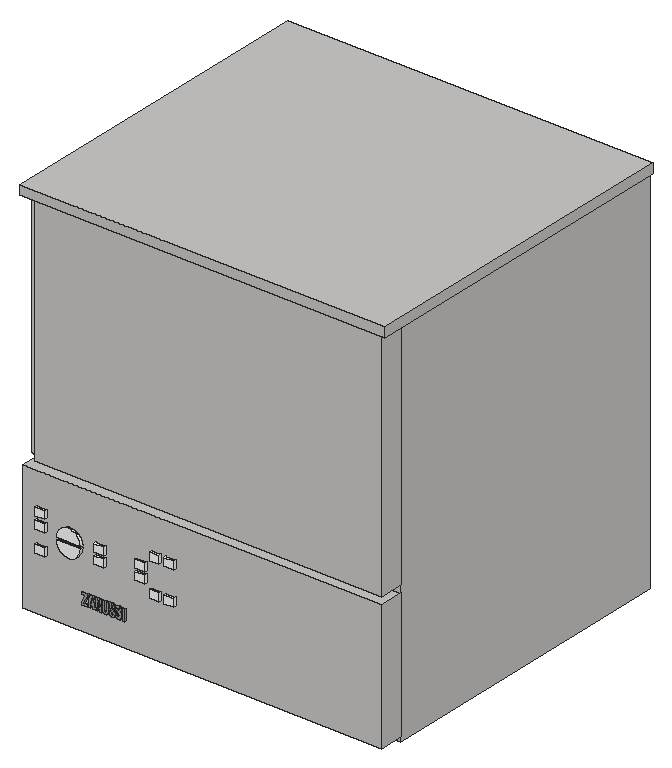
Revit family "QF_ELECTROLUXPROFESSIONAL_727622_RBC051P", category Specialty Equipment, Revit 2018
Family settings
  Round Connector Dimension = Use Diameter
  Part Type = Normal
  Work Plane-Based = No
  Always vertical = Yes
  Cut with Voids When Loaded = No
  Shared = No
  Room Calculation Point = No
Parameters (values of type "Standard")
  Weight = 194.007 lbm
  Watts = 0 W
  Volts = 230 V
  URL Manufacturer = "http://professional.electrolux.com"
  URL = "http://professional.electrolux.com"
  Steam Supply Size = 0"
  Steam Supply Minimum Pressure = 0.00 psi
  Steam Supply Maximum Pressure = 0.00 psi
  Steam Pounds per Hour = 0
  Show Clearance [instance] = yes
  Refrigeration Suction Line Size = 0 mm
  Refrigeration Liquid Line Size = 0 mm
  Refrigerant Compressor Remote = yes
  Phase = 1
  Model = "RBC051P"
  Manufacturer = "Electrolux Professional"
  Length Actual = 762 mm  # constant formula
  Item Number = "727622"
  Hot Water Size = 0"
  Height Actual = 844 mm  # constant formula
  HP = "0.9 HP"
  Gas Size = 0"
  Gas KW = 0
  Gas Input Pressure = 0.0 Btu/h
  Direct Waste Size = 0"
  Description = "CW BLAST CHILLER 10 KG GN 1/1 + PROBE-R134A"
  Depth Actual = 700 mm  # constant formula
  Cycle = 50 Hz
  Condensate Return Size = 0"
  Compressed Air Volume = 0 GPM
  Compressed Air Size = 0"
  Compressed Air Pressure = 0.00 psi
  Cold Water Size = 0"
  Accessory = yes
Reference planes
  plane 1 "BACK": y = 0
  plane 2: z = 0
  plane 3 "LEFT": x = 0
  plane 4 "RIGHT": x = 762
  plane 5 "FRONT": y = -700
  plane 6 "TOP": z = 844
  plane 7 "Center Y": x = 381
  plane 8 "Center X": y = -350
  plane 9: x = 50
  plane 10: x = 710
  plane 11: z = 150
  plane 12: z = 106
  plane 13: y = -50
  plane 14: y = -760
  plane 15: y = -689
  plane 16: y = -389
  plane 17: y = -1407
Forms (mm)
  Extrusion 1, solid, material "QF_Metal - Stainless - Polished"
    sketch origin (0, 0, -106) x (1, 0, 0) y (0, 0, 1)
      loop
        line (6.35, 930) -> (6.35, 150) -> (755.65, 150) -> (755.65, 930) -> (6.35, 930)
    from 0 to 650
  Extrusion 2, solid, material "QF_Metal - Stainless - Polished"
    sketch origin (-118.461, 0, -106) x (1, 0, 0) y (0, 0, 1)
      loop
        line (201.815, 150) -> (201.815, 128.027) -> (559.815, 128.027) -> (559.815, 150) -> (553.415, 150) -> (553.415, 134.427) -> (208.215, 134.427) -> (208.215, 150) -> (201.815, 150)
    from 218.729 to 610
  Extrusion 3, solid, material "QF_Metal - Stainless - Polished"
    sketch origin (-118.461, 0, -106) x (1, 0, 0) y (0, 0, 1)
      loop
        line (239.429, 128.027) -> (233.029, 128.027) -> (233.029, 106) -> (525.894, 106) -> (525.894, 128.027) -> (519.494, 128.027) -> (519.494, 115.527) -> (239.429, 115.527) -> (239.429, 128.027)
    from 333.038 to 610
  Extrusion 4, solid, material "QF_Metal - Stainless - Polished"
    sketch origin (0.953, -130, -106) x (1, 0, 0) y (0, 1, 0)
      loop
        circle (381, -259) r 20
    from 138.473 to 150
  Extrusion 5, solid, material "QF_Metal - Stainless - Polished"
    sketch origin (-331, 0, -475.454) x (1, 0, 0) y (0, 0, 1)
      loop
        circle (381, 651.083) r 20
    from -7.507 to 0
  Extrusion 6, solid, material "QF_Door-Drawer Clearances", visible <- "Show Clearance", detail levels coarse
    sketch origin (0, 29, -106) x (1, 0, 0) y (0, 1, 0)
      loop
        line (755.65, -729) -> (6.35, -729)
        arc (6.35, -729) -> (226.116, -1246.651) -> (755.65, -1436) r 700.659
        line (755.65, -1436) -> (755.65, -729)
    from 443.477 to 930
  Extrusion 7, solid, material "QF_Metal - Stainless - Polished"
    sketch origin (0, 0, 824) x (1, 0, 0) y (0, 1, 0)
      loop
        line (0, 0) -> (0, -700) -> (762, -700) -> (762, 0) -> (0, 0)
    from 0 to 20
  Extrusion 8, solid, material "QF_Metal - Stainless - Polished"
    sketch origin (0, 39, -106) x (1, 0, 0) y (0, 1, 0)
      loop
        line (755.65, -689) -> (6.35, -689) -> (6.35, -714)
        arc (6.35, -714) -> (13.85, -721.5) -> (21.35, -714) r 7.5
        line (21.35, -714) -> (21.35, -712.023)
        arc (21.35, -712.023) -> (23.7, -706.35) -> (29.373, -704) r 8.023
        line (29.373, -704) -> (50, -704)
        arc (50, -704) -> (58.125, -712.125) -> (50, -720.25) r 8.125
        line (50, -720.25) -> (43.056, -720.25)
        arc (43.056, -720.25) -> (33.824, -724.074) -> (30, -733.306) r 13.056
        line (30, -733.306) -> (30, -739) -> (755.65, -739) -> (755.65, -689)
    from 443.477 to 930
  Extrusion 9, solid, material "QF_Metal - Stainless - Polished"
    sketch origin (0, 113.472, -648.6) x (1, 0, 0) y (0, 0, 1)
      loop
        line (6.35, 970) -> (6.35, 701.557) -> (755.65, 701.557) -> (755.65, 970) -> (6.35, 970)
    from 763.472 to 813.472
  Extrusion 10, solid, material "QF_Plastic - White - Smooth"
    sketch origin (-40, -700, -363.391) x (1, 0, 0) y (0, 0, 1)
      loop
        line (75.078, 617.851) -> (75.078, 601.601) -> (95.078, 601.601) -> (95.078, 617.851) -> (75.078, 617.851)
      loop
        line (75.078, 547.851) -> (75.078, 531.601) -> (95.078, 531.601) -> (95.078, 547.851) -> (75.078, 547.851)
      loop
        line (75.078, 592.851) -> (75.078, 576.601) -> (95.078, 576.601) -> (95.078, 592.851) -> (75.078, 592.851)
      loop
        line (120.078, 576.601) -> (170.078, 576.601)
        arc (170.078, 576.601) -> (145.078, 601.601) -> (120.078, 576.601) r 25
      loop
        arc (120.078, 571.601) -> (145.078, 546.601) -> (170.078, 571.601) r 25
        line (170.078, 571.601) -> (120.078, 571.601)
      loop
        line (198.715, 592.851) -> (198.715, 576.601) -> (218.715, 576.601) -> (218.715, 592.851) -> (198.715, 592.851)
      loop
        line (198.715, 570.081) -> (198.715, 553.831) -> (218.715, 553.831) -> (218.715, 570.081) -> (198.715, 570.081)
      loop
        line (283.715, 592.851) -> (283.715, 576.601) -> (303.715, 576.601) -> (303.715, 592.851) -> (283.715, 592.851)
      loop
        line (283.715, 570.081) -> (283.715, 553.831) -> (303.715, 553.831) -> (303.715, 570.081) -> (283.715, 570.081)
      loop
        line (314.587, 617.851) -> (314.587, 601.601) -> (334.587, 601.601) -> (334.587, 617.851) -> (314.587, 617.851)
      loop
        line (344.587, 617.851) -> (344.587, 601.601) -> (364.587, 601.601) -> (364.587, 617.851) -> (344.587, 617.851)
      loop
        line (314.587, 547.851) -> (314.587, 531.601) -> (334.587, 531.601) -> (334.587, 547.851) -> (314.587, 547.851)
      loop
        line (344.587, 547.851) -> (344.587, 531.601) -> (364.587, 531.601) -> (364.587, 547.851) -> (344.587, 547.851)
    from 0 to 4.861
Lines and regions (mm)
  Split face 1
    outline origin (0, -700, -648.6) x (1, 0, 0) y (0, 0, 1)
      loop
        line (33.078, 905.06) -> (33.078, 814.81) -> (326.587, 814.81) -> (326.587, 905.06) -> (33.078, 905.06)
  Split face 2
    outline origin (-15, -700, -648.6) x (1, 0, 0) y (0, 0, 1)
      loop
        line (399.261, 942.498) -> (399.261, 932.498) -> (454.261, 932.498) -> (454.261, 942.498) -> (399.261, 942.498)
  Split face 3
    outline origin (-15, -700, -663.6) x (1, 0, 0) y (0, 0, 1)
      loop
        line (399.261, 942.498) -> (399.261, 932.498) -> (454.261, 932.498) -> (454.261, 942.498) -> (399.261, 942.498)
  Split face 4
    outline origin (-15, -700, -678.6) x (1, 0, 0) y (0, 0, 1)
      loop
        line (399.261, 942.498) -> (399.261, 932.498) -> (454.261, 932.498) -> (454.261, 942.498) -> (399.261, 942.498)
  Split face 5
    outline origin (-15, -700, -708.6) x (1, 0, 0) y (0, 0, 1)
      loop
        line (399.261, 942.498) -> (399.261, 932.498) -> (454.261, 932.498) -> (454.261, 942.498) -> (399.261, 942.498)
  Split face 6
    outline origin (-15, -700, -723.6) x (1, 0, 0) y (0, 0, 1)
      loop
        line (399.261, 942.498) -> (399.261, 932.498) -> (454.261, 932.498) -> (454.261, 942.498) -> (399.261, 942.498)
  Split face 7
    outline origin (-15, -700, -738.6) x (1, 0, 0) y (0, 0, 1)
      loop
        line (399.261, 942.498) -> (399.261, 932.498) -> (454.261, 932.498) -> (454.261, 942.498) -> (399.261, 942.498)
  Split face 8
    outline origin (-15, -700, -768.6) x (1, 0, 0) y (0, 0, 1)
      loop
        line (399.261, 942.498) -> (399.261, 932.498) -> (454.261, 932.498) -> (454.261, 942.498) -> (399.261, 942.498)
  Split face 9
    outline origin (-15, -700, -783.6) x (1, 0, 0) y (0, 0, 1)
      loop
        line (399.261, 942.498) -> (399.261, 932.498) -> (454.261, 932.498) -> (454.261, 942.498) -> (399.261, 942.498)
  Split face 10
    outline origin (-15, -700, -798.6) x (1, 0, 0) y (0, 0, 1)
      loop
        line (399.261, 942.498) -> (399.261, 932.498) -> (454.261, 932.498) -> (454.261, 942.498) -> (399.261, 942.498)
  Split face 11
    outline origin (-15, -700, -828.6) x (1, 0, 0) y (0, 0, 1)
      loop
        line (399.261, 942.498) -> (399.261, 932.498) -> (454.261, 932.498) -> (454.261, 942.498) -> (399.261, 942.498)
  Split face 12
    outline origin (-15, -700, -843.6) x (1, 0, 0) y (0, 0, 1)
      loop
        line (399.261, 942.498) -> (399.261, 932.498) -> (454.261, 932.498) -> (454.261, 942.498) -> (399.261, 942.498)
  Split face 13
    outline origin (-15, -700, -858.6) x (1, 0, 0) y (0, 0, 1)
      loop
        line (399.261, 942.498) -> (399.261, 932.498) -> (454.261, 932.498) -> (454.261, 942.498) -> (399.261, 942.498)
  Split face 14
    outline origin (60, -700, -648.6) x (1, 0, 0) y (0, 0, 1)
      loop
        line (399.261, 942.498) -> (399.261, 932.498) -> (454.261, 932.498) -> (454.261, 942.498) -> (399.261, 942.498)
  Split face 15
    outline origin (60, -700, -663.6) x (1, 0, 0) y (0, 0, 1)
      loop
        line (399.261, 942.498) -> (399.261, 932.498) -> (454.261, 932.498) -> (454.261, 942.498) -> (399.261, 942.498)
  Split face 16
    outline origin (60, -700, -678.6) x (1, 0, 0) y (0, 0, 1)
      loop
        line (399.261, 942.498) -> (399.261, 932.498) -> (454.261, 932.498) -> (454.261, 942.498) -> (399.261, 942.498)
  Split face 17
    outline origin (60, -700, -708.6) x (1, 0, 0) y (0, 0, 1)
      loop
        line (399.261, 942.498) -> (399.261, 932.498) -> (454.261, 932.498) -> (454.261, 942.498) -> (399.261, 942.498)
  Split face 18
    outline origin (60, -700, -723.6) x (1, 0, 0) y (0, 0, 1)
      loop
        line (399.261, 942.498) -> (399.261, 932.498) -> (454.261, 932.498) -> (454.261, 942.498) -> (399.261, 942.498)
  Split face 19
    outline origin (60, -700, -738.6) x (1, 0, 0) y (0, 0, 1)
      loop
        line (399.261, 942.498) -> (399.261, 932.498) -> (454.261, 932.498) -> (454.261, 942.498) -> (399.261, 942.498)
  Split face 20
    outline origin (60, -700, -768.6) x (1, 0, 0) y (0, 0, 1)
      loop
        line (399.261, 942.498) -> (399.261, 932.498) -> (454.261, 932.498) -> (454.261, 942.498) -> (399.261, 942.498)
  Split face 21
    outline origin (60, -700, -783.6) x (1, 0, 0) y (0, 0, 1)
      loop
        line (399.261, 942.498) -> (399.261, 932.498) -> (454.261, 932.498) -> (454.261, 942.498) -> (399.261, 942.498)
  Split face 22
    outline origin (60, -700, -798.6) x (1, 0, 0) y (0, 0, 1)
      loop
        line (399.261, 942.498) -> (399.261, 932.498) -> (454.261, 932.498) -> (454.261, 942.498) -> (399.261, 942.498)
  Split face 23
    outline origin (60, -700, -828.6) x (1, 0, 0) y (0, 0, 1)
      loop
        line (399.261, 942.498) -> (399.261, 932.498) -> (454.261, 932.498) -> (454.261, 942.498) -> (399.261, 942.498)
  Split face 24
    outline origin (60, -700, -843.6) x (1, 0, 0) y (0, 0, 1)
      loop
        line (399.261, 942.498) -> (399.261, 932.498) -> (454.261, 932.498) -> (454.261, 942.498) -> (399.261, 942.498)
  Split face 25
    outline origin (60, -700, -858.6) x (1, 0, 0) y (0, 0, 1)
      loop
        line (399.261, 942.498) -> (399.261, 932.498) -> (454.261, 932.498) -> (454.261, 942.498) -> (399.261, 942.498)
  Split face 26
    outline origin (135, -700, -648.6) x (1, 0, 0) y (0, 0, 1)
      loop
        line (399.261, 942.498) -> (399.261, 932.498) -> (454.261, 932.498) -> (454.261, 942.498) -> (399.261, 942.498)
  Split face 27
    outline origin (135, -700, -663.6) x (1, 0, 0) y (0, 0, 1)
      loop
        line (399.261, 942.498) -> (399.261, 932.498) -> (454.261, 932.498) -> (454.261, 942.498) -> (399.261, 942.498)
  Split face 28
    outline origin (135, -700, -678.6) x (1, 0, 0) y (0, 0, 1)
      loop
        line (399.261, 942.498) -> (399.261, 932.498) -> (454.261, 932.498) -> (454.261, 942.498) -> (399.261, 942.498)
  Split face 29
    outline origin (135, -700, -708.6) x (1, 0, 0) y (0, 0, 1)
      loop
        line (399.261, 942.498) -> (399.261, 932.498) -> (454.261, 932.498) -> (454.261, 942.498) -> (399.261, 942.498)
  Split face 30
    outline origin (135, -700, -723.6) x (1, 0, 0) y (0, 0, 1)
      loop
        line (399.261, 942.498) -> (399.261, 932.498) -> (454.261, 932.498) -> (454.261, 942.498) -> (399.261, 942.498)
  Split face 31
    outline origin (135, -700, -738.6) x (1, 0, 0) y (0, 0, 1)
      loop
        line (399.261, 942.498) -> (399.261, 932.498) -> (454.261, 932.498) -> (454.261, 942.498) -> (399.261, 942.498)
  Split face 32
    outline origin (135, -700, -768.6) x (1, 0, 0) y (0, 0, 1)
      loop
        line (399.261, 942.498) -> (399.261, 932.498) -> (454.261, 932.498) -> (454.261, 942.498) -> (399.261, 942.498)
  Split face 33
    outline origin (135, -700, -783.6) x (1, 0, 0) y (0, 0, 1)
      loop
        line (399.261, 942.498) -> (399.261, 932.498) -> (454.261, 932.498) -> (454.261, 942.498) -> (399.261, 942.498)
  Split face 34
    outline origin (135, -700, -798.6) x (1, 0, 0) y (0, 0, 1)
      loop
        line (399.261, 942.498) -> (399.261, 932.498) -> (454.261, 932.498) -> (454.261, 942.498) -> (399.261, 942.498)
  Split face 35
    outline origin (135, -700, -828.6) x (1, 0, 0) y (0, 0, 1)
      loop
        line (399.261, 942.498) -> (399.261, 932.498) -> (454.261, 932.498) -> (454.261, 942.498) -> (399.261, 942.498)
  Split face 36
    outline origin (135, -700, -843.6) x (1, 0, 0) y (0, 0, 1)
      loop
        line (399.261, 942.498) -> (399.261, 932.498) -> (454.261, 932.498) -> (454.261, 942.498) -> (399.261, 942.498)
  Split face 37
    outline origin (135, -700, -858.6) x (1, 0, 0) y (0, 0, 1)
      loop
        line (399.261, 942.498) -> (399.261, 932.498) -> (454.261, 932.498) -> (454.261, 942.498) -> (399.261, 942.498)
  Split face 38
    outline origin (210, -700, -648.6) x (1, 0, 0) y (0, 0, 1)
      loop
        line (399.261, 942.498) -> (399.261, 932.498) -> (454.261, 932.498) -> (454.261, 942.498) -> (399.261, 942.498)
  Split face 39
    outline origin (210, -700, -663.6) x (1, 0, 0) y (0, 0, 1)
      loop
        line (399.261, 942.498) -> (399.261, 932.498) -> (454.261, 932.498) -> (454.261, 942.498) -> (399.261, 942.498)
  Split face 40
    outline origin (210, -700, -678.6) x (1, 0, 0) y (0, 0, 1)
      loop
        line (399.261, 942.498) -> (399.261, 932.498) -> (454.261, 932.498) -> (454.261, 942.498) -> (399.261, 942.498)
  Split face 41
    outline origin (210, -700, -708.6) x (1, 0, 0) y (0, 0, 1)
      loop
        line (399.261, 942.498) -> (399.261, 932.498) -> (454.261, 932.498) -> (454.261, 942.498) -> (399.261, 942.498)
  Split face 42
    outline origin (210, -700, -723.6) x (1, 0, 0) y (0, 0, 1)
      loop
        line (399.261, 942.498) -> (399.261, 932.498) -> (454.261, 932.498) -> (454.261, 942.498) -> (399.261, 942.498)
  Split face 43
    outline origin (210, -700, -738.6) x (1, 0, 0) y (0, 0, 1)
      loop
        line (399.261, 942.498) -> (399.261, 932.498) -> (454.261, 932.498) -> (454.261, 942.498) -> (399.261, 942.498)
  Split face 44
    outline origin (210, -700, -768.6) x (1, 0, 0) y (0, 0, 1)
      loop
        line (399.261, 942.498) -> (399.261, 932.498) -> (454.261, 932.498) -> (454.261, 942.498) -> (399.261, 942.498)
  Split face 45
    outline origin (210, -700, -783.6) x (1, 0, 0) y (0, 0, 1)
      loop
        line (399.261, 942.498) -> (399.261, 932.498) -> (454.261, 932.498) -> (454.261, 942.498) -> (399.261, 942.498)
  Split face 46
    outline origin (210, -700, -798.6) x (1, 0, 0) y (0, 0, 1)
      loop
        line (399.261, 942.498) -> (399.261, 932.498) -> (454.261, 932.498) -> (454.261, 942.498) -> (399.261, 942.498)
  Split face 47
    outline origin (210, -700, -828.6) x (1, 0, 0) y (0, 0, 1)
      loop
        line (399.261, 942.498) -> (399.261, 932.498) -> (454.261, 932.498) -> (454.261, 942.498) -> (399.261, 942.498)
  Split face 48
    outline origin (210, -700, -843.6) x (1, 0, 0) y (0, 0, 1)
      loop
        line (399.261, 942.498) -> (399.261, 932.498) -> (454.261, 932.498) -> (454.261, 942.498) -> (399.261, 942.498)
  Split face 49
    outline origin (210, -700, -858.6) x (1, 0, 0) y (0, 0, 1)
      loop
        line (399.261, 942.498) -> (399.261, 932.498) -> (454.261, 932.498) -> (454.261, 942.498) -> (399.261, 942.498)
  Split face 50
    outline origin (285, -700, -648.6) x (1, 0, 0) y (0, 0, 1)
      loop
        line (399.261, 942.498) -> (399.261, 932.498) -> (454.261, 932.498) -> (454.261, 942.498) -> (399.261, 942.498)
  Split face 51
    outline origin (285, -700, -663.6) x (1, 0, 0) y (0, 0, 1)
      loop
        line (399.261, 942.498) -> (399.261, 932.498) -> (454.261, 932.498) -> (454.261, 942.498) -> (399.261, 942.498)
  Split face 52
    outline origin (285, -700, -678.6) x (1, 0, 0) y (0, 0, 1)
      loop
        line (399.261, 942.498) -> (399.261, 932.498) -> (454.261, 932.498) -> (454.261, 942.498) -> (399.261, 942.498)
  Split face 53
    outline origin (285, -700, -708.6) x (1, 0, 0) y (0, 0, 1)
      loop
        line (399.261, 942.498) -> (399.261, 932.498) -> (454.261, 932.498) -> (454.261, 942.498) -> (399.261, 942.498)
  Split face 54
    outline origin (285, -700, -723.6) x (1, 0, 0) y (0, 0, 1)
      loop
        line (399.261, 942.498) -> (399.261, 932.498) -> (454.261, 932.498) -> (454.261, 942.498) -> (399.261, 942.498)
  Split face 55
    outline origin (285, -700, -738.6) x (1, 0, 0) y (0, 0, 1)
      loop
        line (399.261, 942.498) -> (399.261, 932.498) -> (454.261, 932.498) -> (454.261, 942.498) -> (399.261, 942.498)
  Split face 56
    outline origin (285, -700, -768.6) x (1, 0, 0) y (0, 0, 1)
      loop
        line (399.261, 942.498) -> (399.261, 932.498) -> (454.261, 932.498) -> (454.261, 942.498) -> (399.261, 942.498)
  Split face 57
    outline origin (285, -700, -783.6) x (1, 0, 0) y (0, 0, 1)
      loop
        line (399.261, 942.498) -> (399.261, 932.498) -> (454.261, 932.498) -> (454.261, 942.498) -> (399.261, 942.498)
  Split face 58
    outline origin (285, -700, -798.6) x (1, 0, 0) y (0, 0, 1)
      loop
        line (399.261, 942.498) -> (399.261, 932.498) -> (454.261, 932.498) -> (454.261, 942.498) -> (399.261, 942.498)
  Split face 59
    outline origin (285, -700, -828.6) x (1, 0, 0) y (0, 0, 1)
      loop
        line (399.261, 942.498) -> (399.261, 932.498) -> (454.261, 932.498) -> (454.261, 942.498) -> (399.261, 942.498)
  Split face 60
    outline origin (285, -700, -843.6) x (1, 0, 0) y (0, 0, 1)
      loop
        line (399.261, 942.498) -> (399.261, 932.498) -> (454.261, 932.498) -> (454.261, 942.498) -> (399.261, 942.498)
  Split face 61
    outline origin (285, -700, -858.6) x (1, 0, 0) y (0, 0, 1)
      loop
        line (399.261, 942.498) -> (399.261, 932.498) -> (454.261, 932.498) -> (454.261, 942.498) -> (399.261, 942.498)
  symbolic lines
    curve 1: line (0, 0, 0) -> (0, -703.472, 0)
    curve 2: line (762, 0, 0) -> (0, 0, 0)
    curve 3: line (762, -700, 0) -> (762, 0, 0)
    curve 4: line (0, -700, 0) -> (762, -700, 0)
  symbolic lines, style "QF_Door-Drawer Clearances"
    curve 5: line (755.65, -700, 0) -> (755.65, -1407, 0)
    curve 6: arc (6.35, -700, 0) -> (226.116, -1217.651, 0) -> (755.65, -1407, 0) r 700.659
Dimensions and locks
  equal spacing: plane 3 "LEFT", plane 7 "Center Y", plane 4 "RIGHT"
  plane 3 "LEFT" to plane 4 "RIGHT" = 762 mm
  equal spacing: plane 5 "FRONT", plane 8 "Center X", plane 1 "BACK"
  plane 5 "FRONT" to plane 1 "BACK" = 700 mm
  plane 6 "TOP" to level = 844 mm
  plane 9 to plane 3 "LEFT" = 50 mm
  plane 10 to plane 4 "RIGHT" = 52 mm
  plane 10 to plane 9 = 660 mm
  plane 11 to level = 150 mm
  plane 12 to plane 11 = 44 mm
  plane 1 "BACK" to plane 13 = 50 mm
  plane 13 to plane 15 = 639 mm
  plane 16 to plane 1 "BACK" = 389 mm
  plane 17 to plane 1 "BACK" = 1407 mm
  plane 3 "LEFT" to Extrusion 6 = 755.65 mm
  aligned and locked: level to plane 2
Automatic sketch dimensions
  plane 1 "BACK" to curve 2 = 0 mm
  curve 5 to plane 17 = 0 mm
  plane 4 "RIGHT" to curve 5 = 6.35 mm
  Extrusion 1 sketch curve to plane 11 = 106 mm
  plane 3 "LEFT" to Extrusion 1 sketch curve = 6.35 mm
  plane 4 "RIGHT" to Extrusion 1 sketch curve = 6.35 mm
  Extrusion 1 sketch curve to plane 6 "TOP" = 20 mm
  Extrusion 2 sketch curve to plane 11 = 106 mm  (x2)
  plane 9 to Extrusion 2 sketch curve = 33.353 mm
  Extrusion 2 sketch curve to Extrusion 2 sketch curve = 6.4 mm  (x3)
  plane 10 to Extrusion 2 sketch curve = 275.047 mm
  Extrusion 2 sketch curve to Extrusion 2 sketch curve = 15.573 mm
  plane 12 to Extrusion 3 sketch curve = 106 mm
  Extrusion 3 sketch curve to plane 11 = 127.973 mm
  Extrusion 3 sketch curve to plane 7 "Center Y" = 266.432 mm
  Extrusion 3 sketch curve to Extrusion 3 sketch curve = 6.4 mm  (x2)
  plane 12 to Extrusion 3 sketch curve = 96.473 mm
  plane 7 "Center Y" to Extrusion 3 sketch curve = 20.032 mm
  Extrusion 3 sketch curve to Extrusion 3 sketch curve = 12.5 mm
  Extrusion 4 sketch curve to plane 16 = 0 mm
  plane 7 "Center Y" to Extrusion 4 sketch curve = 0.953 mm
  Extrusion 5 sketch curve to plane 7 "Center Y" = 331 mm
  Extrusion 5 sketch curve to plane 6 "TOP" = 668.371 mm
  Extrusion 7 sketch curve to plane 3 "LEFT" = 0 mm
  Extrusion 7 sketch curve to plane 4 "RIGHT" = 0 mm
  plane 5 "FRONT" to Extrusion 7 sketch curve = 0 mm
  plane 1 "BACK" to Extrusion 7 sketch curve = 0 mm
  plane 5 "FRONT" to Extrusion 8 sketch curve = 0 mm
  Extrusion 8 sketch curve to plane 9 = 0 mm
  Extrusion 8 sketch curve to plane 9 = 6.944 mm
  Extrusion 8 sketch curve to Extrusion 8 sketch curve = 13.056 mm
  Extrusion 8 sketch curve to Extrusion 8 sketch curve = 13.683 mm
  Extrusion 8 sketch curve to Extrusion 8 sketch curve = 8.023 mm
  Extrusion 8 sketch curve to Extrusion 8 sketch curve = 7.5 mm
  plane 4 "RIGHT" to Extrusion 8 sketch curve = 6.35 mm
  plane 15 to Extrusion 8 sketch curve = 5.306 mm
  Extrusion 8 sketch curve to plane 15 = 14 mm
  Extrusion 8 sketch curve to Extrusion 8 sketch curve = 8.125 mm
  Extrusion 8 sketch curve to plane 15 = 39 mm
  plane 3 "LEFT" to Extrusion 9 sketch curve = 6.35 mm
  plane 4 "RIGHT" to Extrusion 9 sketch curve = 6.35 mm
  Extrusion 9 sketch curve to plane 11 = 97.044 mm
  Extrusion 9 sketch curve to Extrusion 9 sketch curve = 268.443 mm
  Split face 1 sketch curve to Extrusion 9 = 26.728 mm
  Split face 1 sketch curve to Extrusion 9 = 113.254 mm
  Split face 1 sketch curve to Split face 1 sketch curve = 293.509 mm
  Split face 1 sketch curve to Extrusion 9 = 64.94 mm
  Extrusion 10 sketch curve to plane 9 = 14.922 mm  (x2)
  Extrusion 10 sketch curve to Extrusion 10 sketch curve = 0 mm  (x11)
  plane 9 to Extrusion 10 sketch curve = 5.078 mm  (x3)
  Extrusion 10 sketch curve to Extrusion 10 sketch curve = 25 mm  (x2)
  Extrusion 10 sketch curve to Extrusion 10 sketch curve = 28.636 mm
  Extrusion 10 sketch curve to Extrusion 10 sketch curve = 20 mm  (x7)
  Extrusion 10 sketch curve to Extrusion 10 sketch curve = 65 mm
  Extrusion 10 sketch curve to Extrusion 10 sketch curve = 10.872 mm  (x2)
  Extrusion 10 sketch curve to Extrusion 10 sketch curve = 10 mm  (x2)
  plane 11 to Extrusion 10 sketch curve = 18.21 mm  (x2)
  Extrusion 10 sketch curve to Extrusion 10 sketch curve = 16.25 mm  (x9)
  Extrusion 10 sketch curve to Extrusion 10 sketch curve = 5.98 mm
  Extrusion 10 sketch curve to Extrusion 10 sketch curve = 1.52 mm
  Extrusion 10 sketch curve to Extrusion 10 sketch curve = 6.52 mm  (x2)
  Extrusion 10 sketch curve to Extrusion 10 sketch curve = 5 mm  (x2)
  Extrusion 10 sketch curve to Extrusion 10 sketch curve = 8.75 mm  (x2)
  Split face 2 sketch curve to Extrusion 9 = 37.502 mm
  Split face 2 sketch curve to Extrusion 9 = 371.389 mm
  Split face 2 sketch curve to Split face 2 sketch curve = 55 mm
  Split face 2 sketch curve to Split face 2 sketch curve = 10 mm
  Split face 3 sketch curve to Extrusion 9 = 52.502 mm
  Split face 3 sketch curve to Extrusion 9 = 371.389 mm
  Split face 3 sketch curve to Split face 3 sketch curve = 55 mm
  Split face 3 sketch curve to Split face 3 sketch curve = 10 mm
  Split face 4 sketch curve to Extrusion 9 = 67.502 mm
  Split face 4 sketch curve to Extrusion 9 = 371.389 mm
  Split face 4 sketch curve to Split face 4 sketch curve = 55 mm
  Split face 4 sketch curve to Split face 4 sketch curve = 10 mm
  Split face 5 sketch curve to Extrusion 9 = 97.502 mm
  Split face 5 sketch curve to Extrusion 9 = 371.389 mm
  Split face 5 sketch curve to Split face 5 sketch curve = 55 mm
  Split face 5 sketch curve to Split face 5 sketch curve = 10 mm
  Split face 6 sketch curve to Extrusion 9 = 112.502 mm
  Split face 6 sketch curve to Extrusion 9 = 371.389 mm
  Split face 6 sketch curve to Split face 6 sketch curve = 55 mm
  Split face 6 sketch curve to Split face 6 sketch curve = 10 mm
  Split face 7 sketch curve to Extrusion 9 = 127.502 mm
  Split face 7 sketch curve to Extrusion 9 = 371.389 mm
  Split face 7 sketch curve to Split face 7 sketch curve = 55 mm
  Split face 7 sketch curve to Split face 7 sketch curve = 10 mm
  Split face 8 sketch curve to Extrusion 9 = 110.941 mm
  Split face 8 sketch curve to Extrusion 9 = 371.389 mm
  Split face 8 sketch curve to Split face 8 sketch curve = 55 mm
  Split face 8 sketch curve to Split face 8 sketch curve = 10 mm
  Split face 9 sketch curve to Extrusion 9 = 95.941 mm
  Split face 9 sketch curve to Extrusion 9 = 371.389 mm
  Split face 9 sketch curve to Split face 9 sketch curve = 55 mm
  Split face 9 sketch curve to Split face 9 sketch curve = 10 mm
  Split face 10 sketch curve to Extrusion 9 = 80.941 mm
  Split face 10 sketch curve to Extrusion 9 = 371.389 mm
  Split face 10 sketch curve to Split face 10 sketch curve = 55 mm
  Split face 10 sketch curve to Split face 10 sketch curve = 10 mm
  Split face 11 sketch curve to Extrusion 9 = 50.941 mm
  Split face 11 sketch curve to Extrusion 9 = 371.389 mm
  Split face 11 sketch curve to Split face 11 sketch curve = 55 mm
  Split face 11 sketch curve to Split face 11 sketch curve = 10 mm
  Split face 12 sketch curve to Extrusion 9 = 35.941 mm
  Split face 12 sketch curve to Extrusion 9 = 371.389 mm
  Split face 12 sketch curve to Split face 12 sketch curve = 55 mm
  Split face 12 sketch curve to Split face 12 sketch curve = 10 mm
  Split face 13 sketch curve to Extrusion 9 = 20.941 mm
  Split face 13 sketch curve to Extrusion 9 = 371.389 mm
  Split face 13 sketch curve to Split face 13 sketch curve = 55 mm
  Split face 13 sketch curve to Split face 13 sketch curve = 10 mm
  Split face 14 sketch curve to Extrusion 9 = 37.502 mm
  Split face 14 sketch curve to Extrusion 9 = 296.389 mm
  Split face 14 sketch curve to Split face 14 sketch curve = 55 mm
  Split face 14 sketch curve to Split face 14 sketch curve = 10 mm
  Split face 15 sketch curve to Extrusion 9 = 52.502 mm
  Split face 15 sketch curve to Extrusion 9 = 296.389 mm
  Split face 15 sketch curve to Split face 15 sketch curve = 55 mm
  Split face 15 sketch curve to Split face 15 sketch curve = 10 mm
  Split face 16 sketch curve to Extrusion 9 = 67.502 mm
  Split face 16 sketch curve to Extrusion 9 = 296.389 mm
  Split face 16 sketch curve to Split face 16 sketch curve = 55 mm
  Split face 16 sketch curve to Split face 16 sketch curve = 10 mm
  Split face 17 sketch curve to Extrusion 9 = 97.502 mm
  Split face 17 sketch curve to Extrusion 9 = 296.389 mm
  Split face 17 sketch curve to Split face 17 sketch curve = 55 mm
  Split face 17 sketch curve to Split face 17 sketch curve = 10 mm
  Split face 18 sketch curve to Extrusion 9 = 112.502 mm
  Split face 18 sketch curve to Extrusion 9 = 296.389 mm
  Split face 18 sketch curve to Split face 18 sketch curve = 55 mm
  Split face 18 sketch curve to Split face 18 sketch curve = 10 mm
  Split face 19 sketch curve to Extrusion 9 = 127.502 mm
  Split face 19 sketch curve to Extrusion 9 = 296.389 mm
  Split face 19 sketch curve to Split face 19 sketch curve = 55 mm
  Split face 19 sketch curve to Split face 19 sketch curve = 10 mm
  Split face 20 sketch curve to Extrusion 9 = 110.941 mm
  Split face 20 sketch curve to Extrusion 9 = 296.389 mm
  Split face 20 sketch curve to Split face 20 sketch curve = 55 mm
  Split face 20 sketch curve to Split face 20 sketch curve = 10 mm
  Split face 21 sketch curve to Extrusion 9 = 95.941 mm
  Split face 21 sketch curve to Extrusion 9 = 296.389 mm
  Split face 21 sketch curve to Split face 21 sketch curve = 55 mm
  Split face 21 sketch curve to Split face 21 sketch curve = 10 mm
  Split face 22 sketch curve to Extrusion 9 = 80.941 mm
  Split face 22 sketch curve to Extrusion 9 = 296.389 mm
  Split face 22 sketch curve to Split face 22 sketch curve = 55 mm
  Split face 22 sketch curve to Split face 22 sketch curve = 10 mm
  Split face 23 sketch curve to Extrusion 9 = 50.941 mm
  Split face 23 sketch curve to Extrusion 9 = 296.389 mm
  Split face 23 sketch curve to Split face 23 sketch curve = 55 mm
  Split face 23 sketch curve to Split face 23 sketch curve = 10 mm
  Split face 24 sketch curve to Extrusion 9 = 35.941 mm
  Split face 24 sketch curve to Extrusion 9 = 296.389 mm
  Split face 24 sketch curve to Split face 24 sketch curve = 55 mm
  Split face 24 sketch curve to Split face 24 sketch curve = 10 mm
  Split face 25 sketch curve to Extrusion 9 = 20.941 mm
  Split face 25 sketch curve to Extrusion 9 = 296.389 mm
  Split face 25 sketch curve to Split face 25 sketch curve = 55 mm
  Split face 25 sketch curve to Split face 25 sketch curve = 10 mm
  Split face 26 sketch curve to Extrusion 9 = 37.502 mm
  Split face 26 sketch curve to Extrusion 9 = 221.389 mm
  Split face 26 sketch curve to Split face 26 sketch curve = 55 mm
  Split face 26 sketch curve to Split face 26 sketch curve = 10 mm
  Split face 27 sketch curve to Extrusion 9 = 52.502 mm
  Split face 27 sketch curve to Extrusion 9 = 221.389 mm
  Split face 27 sketch curve to Split face 27 sketch curve = 55 mm
  Split face 27 sketch curve to Split face 27 sketch curve = 10 mm
  Split face 28 sketch curve to Extrusion 9 = 67.502 mm
  Split face 28 sketch curve to Extrusion 9 = 221.389 mm
  Split face 28 sketch curve to Split face 28 sketch curve = 55 mm
  Split face 28 sketch curve to Split face 28 sketch curve = 10 mm
  Split face 29 sketch curve to Extrusion 9 = 97.502 mm
  Split face 29 sketch curve to Extrusion 9 = 221.389 mm
  Split face 29 sketch curve to Split face 29 sketch curve = 55 mm
  Split face 29 sketch curve to Split face 29 sketch curve = 10 mm
  Split face 30 sketch curve to Extrusion 9 = 221.389 mm
  Split face 30 sketch curve to Split face 30 sketch curve = 55 mm
  Split face 30 sketch curve to Extrusion 9 = 112.502 mm
  Split face 30 sketch curve to Split face 30 sketch curve = 10 mm
  Split face 31 sketch curve to Extrusion 9 = 221.389 mm
  Split face 31 sketch curve to Split face 31 sketch curve = 55 mm
  Split face 31 sketch curve to Extrusion 9 = 127.502 mm
  Split face 31 sketch curve to Split face 31 sketch curve = 10 mm
  Split face 32 sketch curve to Extrusion 9 = 221.389 mm
  Split face 32 sketch curve to Split face 32 sketch curve = 55 mm
  Split face 32 sketch curve to Extrusion 9 = 110.941 mm
  Split face 32 sketch curve to Split face 32 sketch curve = 10 mm
  Split face 33 sketch curve to Extrusion 9 = 95.941 mm
  Split face 33 sketch curve to Extrusion 9 = 221.389 mm
  Split face 33 sketch curve to Split face 33 sketch curve = 55 mm
  Split face 33 sketch curve to Split face 33 sketch curve = 10 mm
  Split face 34 sketch curve to Extrusion 9 = 80.941 mm
  Split face 34 sketch curve to Extrusion 9 = 221.389 mm
  Split face 34 sketch curve to Split face 34 sketch curve = 55 mm
  Split face 34 sketch curve to Split face 34 sketch curve = 10 mm
  Split face 35 sketch curve to Extrusion 9 = 50.941 mm
  Split face 35 sketch curve to Extrusion 9 = 221.389 mm
  Split face 35 sketch curve to Split face 35 sketch curve = 55 mm
  Split face 35 sketch curve to Split face 35 sketch curve = 10 mm
  Split face 36 sketch curve to Extrusion 9 = 35.941 mm
  Split face 36 sketch curve to Extrusion 9 = 221.389 mm
  Split face 36 sketch curve to Split face 36 sketch curve = 55 mm
  Split face 36 sketch curve to Split face 36 sketch curve = 10 mm
  Split face 37 sketch curve to Extrusion 9 = 20.941 mm
  Split face 37 sketch curve to Extrusion 9 = 221.389 mm
  Split face 37 sketch curve to Split face 37 sketch curve = 55 mm
  Split face 37 sketch curve to Split face 37 sketch curve = 10 mm
  Split face 38 sketch curve to Extrusion 9 = 37.502 mm
  Split face 38 sketch curve to Extrusion 9 = 146.389 mm
  Split face 38 sketch curve to Split face 38 sketch curve = 55 mm
  Split face 38 sketch curve to Split face 38 sketch curve = 10 mm
  Split face 39 sketch curve to Extrusion 9 = 52.502 mm
  Split face 39 sketch curve to Extrusion 9 = 146.389 mm
  Split face 39 sketch curve to Split face 39 sketch curve = 55 mm
  Split face 39 sketch curve to Split face 39 sketch curve = 10 mm
  Split face 40 sketch curve to Extrusion 9 = 67.502 mm
  Split face 40 sketch curve to Extrusion 9 = 146.389 mm
  Split face 40 sketch curve to Split face 40 sketch curve = 55 mm
  Split face 40 sketch curve to Split face 40 sketch curve = 10 mm
  Split face 41 sketch curve to Extrusion 9 = 146.389 mm
  Split face 41 sketch curve to Split face 41 sketch curve = 55 mm
  Split face 41 sketch curve to Extrusion 9 = 97.502 mm
  Split face 41 sketch curve to Split face 41 sketch curve = 10 mm
  Split face 42 sketch curve to Extrusion 9 = 146.389 mm
  Split face 42 sketch curve to Split face 42 sketch curve = 55 mm
  Split face 42 sketch curve to Extrusion 9 = 112.502 mm
  Split face 42 sketch curve to Split face 42 sketch curve = 10 mm
  Split face 43 sketch curve to Extrusion 9 = 146.389 mm
  Split face 43 sketch curve to Split face 43 sketch curve = 55 mm
  Split face 43 sketch curve to Extrusion 9 = 127.502 mm
  Split face 43 sketch curve to Split face 43 sketch curve = 10 mm
  Split face 44 sketch curve to Extrusion 9 = 146.389 mm
  Split face 44 sketch curve to Split face 44 sketch curve = 55 mm
  Split face 44 sketch curve to Extrusion 9 = 110.941 mm
  Split face 44 sketch curve to Split face 44 sketch curve = 10 mm
  Split face 45 sketch curve to Extrusion 9 = 146.389 mm
  Split face 45 sketch curve to Split face 45 sketch curve = 55 mm
  Split face 45 sketch curve to Extrusion 9 = 95.941 mm
  Split face 45 sketch curve to Split face 45 sketch curve = 10 mm
  Split face 46 sketch curve to Extrusion 9 = 146.389 mm
  Split face 46 sketch curve to Split face 46 sketch curve = 55 mm
  Split face 46 sketch curve to Extrusion 9 = 80.941 mm
  Split face 46 sketch curve to Split face 46 sketch curve = 10 mm
  Split face 47 sketch curve to Extrusion 9 = 50.941 mm
  Split face 47 sketch curve to Extrusion 9 = 146.389 mm
  Split face 47 sketch curve to Split face 47 sketch curve = 55 mm
  Split face 47 sketch curve to Split face 47 sketch curve = 10 mm
  Split face 48 sketch curve to Extrusion 9 = 35.941 mm
  Split face 48 sketch curve to Extrusion 9 = 146.389 mm
  Split face 48 sketch curve to Split face 48 sketch curve = 55 mm
  Split face 48 sketch curve to Split face 48 sketch curve = 10 mm
  Split face 49 sketch curve to Extrusion 9 = 20.941 mm
  Split face 49 sketch curve to Extrusion 9 = 146.389 mm
  Split face 49 sketch curve to Split face 49 sketch curve = 55 mm
  Split face 49 sketch curve to Split face 49 sketch curve = 10 mm
  Split face 50 sketch curve to Extrusion 9 = 71.389 mm
  Split face 50 sketch curve to Extrusion 9 = 16.389 mm
  Split face 50 sketch curve to Extrusion 9 = 37.502 mm
  Split face 50 sketch curve to Split face 50 sketch curve = 10 mm
  Split face 51 sketch curve to Extrusion 9 = 71.389 mm
  Split face 51 sketch curve to Extrusion 9 = 16.389 mm
  Split face 51 sketch curve to Extrusion 9 = 52.502 mm
  Split face 51 sketch curve to Split face 51 sketch curve = 10 mm
  Split face 52 sketch curve to Extrusion 9 = 71.389 mm
  Split face 52 sketch curve to Extrusion 9 = 16.389 mm
  Split face 52 sketch curve to Extrusion 9 = 67.502 mm
  Split face 52 sketch curve to Split face 52 sketch curve = 10 mm
  Split face 53 sketch curve to Extrusion 9 = 71.389 mm
  Split face 53 sketch curve to Extrusion 9 = 16.389 mm
  Split face 53 sketch curve to Extrusion 9 = 97.502 mm
  Split face 53 sketch curve to Split face 53 sketch curve = 10 mm
  Split face 54 sketch curve to Extrusion 9 = 71.389 mm
  Split face 54 sketch curve to Extrusion 9 = 16.389 mm
  Split face 54 sketch curve to Extrusion 9 = 112.502 mm
  Split face 54 sketch curve to Split face 54 sketch curve = 10 mm
  Split face 55 sketch curve to Extrusion 9 = 71.389 mm
  Split face 55 sketch curve to Extrusion 9 = 16.389 mm
  Split face 55 sketch curve to Extrusion 9 = 127.502 mm
  Split face 55 sketch curve to Split face 55 sketch curve = 10 mm
  Split face 56 sketch curve to Extrusion 9 = 71.389 mm
  Split face 56 sketch curve to Extrusion 9 = 16.389 mm
  Split face 56 sketch curve to Extrusion 9 = 110.941 mm
  Split face 56 sketch curve to Split face 56 sketch curve = 10 mm
  Split face 57 sketch curve to Extrusion 9 = 71.389 mm
  Split face 57 sketch curve to Extrusion 9 = 16.389 mm
  Split face 57 sketch curve to Extrusion 9 = 95.941 mm
  Split face 57 sketch curve to Split face 57 sketch curve = 10 mm
  Split face 58 sketch curve to Extrusion 9 = 71.389 mm
  Split face 58 sketch curve to Extrusion 9 = 16.389 mm
  Split face 58 sketch curve to Extrusion 9 = 80.941 mm
  Split face 58 sketch curve to Split face 58 sketch curve = 10 mm
  Split face 59 sketch curve to Extrusion 9 = 71.389 mm
  Split face 59 sketch curve to Extrusion 9 = 16.389 mm
  Split face 59 sketch curve to Extrusion 9 = 50.941 mm
  Split face 59 sketch curve to Split face 59 sketch curve = 10 mm
  Split face 60 sketch curve to Extrusion 9 = 71.389 mm
  Split face 60 sketch curve to Extrusion 9 = 16.389 mm
  Split face 60 sketch curve to Extrusion 9 = 35.941 mm
  Split face 60 sketch curve to Split face 60 sketch curve = 10 mm
  Split face 61 sketch curve to Extrusion 9 = 20.941 mm
  Split face 61 sketch curve to Extrusion 9 = 71.389 mm
  Split face 61 sketch curve to Extrusion 9 = 16.389 mm
  Split face 61 sketch curve to Split face 61 sketch curve = 10 mm
  plane 5 "FRONT" to Extrusion 6 sketch curve = 0 mm
  Extrusion 6 sketch curve to plane 17 = 0 mm
  plane 10 to Extrusion 6 sketch curve = 3.037 mm
  plane 4 "RIGHT" to Extrusion 6 sketch curve = 6.35 mm
  plane 3 "LEFT" to Extrusion 6 sketch curve = 6.35 mm
  plane 5 "FRONT" to curve 5 = 0 mm
  plane 10 to curve 6 = 3.037 mm
  plane 5 "FRONT" to curve 6 = 8.035 mm
  curve 4 to plane 3 "LEFT" = 0 mm
  curve 1 to curve 4 = 3.472 mm
  curve 2 to plane 4 "RIGHT" = 0 mm
  radius of Extrusion 4 sketch curve = 20 mm
  radius of Extrusion 5 sketch curve = 20 mm
Nested families
  nested 1: "ZAN_Logo_S_Grey" at (175, -700, 115.115) x (1, 0, 0) z (0, -1, 0), type "ZAN_Logo_S_Grey"
Connectors
  piping at (381.953, -389, 32.473), diameter 0.5
    settings: on Extrusion 4, index 1, connector inside diameter 24", connector length 0 mm, flow factor 0, pipe flow 0 GPM, pressure drop 0.00 psi, fitting loss kfactor 0, connector angle 0.00°, fixture units 0, engagement length 0 mm, angle of deflection 0.00°, flow configuration 1, flow direction 2, fitting loss method 0, system type 16, joint type 0, gender type 0, connector reference index -1, connector utility 0, adjustable connector no, is connector primary yes, connector description "Drain"
  electrical at (50, 7.507, 175.629), driven by "Volts"
    settings: on Extrusion 5, index 2, voltage 230 V, apparent load 0 VA, apparent load phase1 0 VA, apparent load phase2 0 VA, apparent load phase3 0 VA, power factor 1, load classification "Other", number of poles 1, system type 30, power factor state 1, is connector primary yes, connector utility no, sub classification motor no, connector description "Electrical Connection"
Definition of nested family "ZAN_Logo_S_Grey"
  Parameters (values of type "ZAN_Logo_S_Grey")
    Default Elevation = 0 mm
  Reference planes
    plane 1 "Centro (Fronte/Retro)": y = 0
    plane 2: z = 0
    plane 3 "Centro (Sinistra/Destra)": x = 0
  Forms (mm)
    Extrusion 1, solid
      sketch origin (0, 0, 0) x (1, 0, 0) y (0, 1, 0)
        loop
          line (-1219.2, 1219.2) -> (-1219.2, -1219.2) -> (1219.2, -1219.2) -> (1219.2, 1219.2) -> (-1219.2, 1219.2)
      from 0 to -304.8
    Extrusion 2, solid
      sketch origin (17.793, -46.218, 0) x (-1, 0, 0) y (0, -1, 0)
        loop
          spline (-4.176, -58.079) -> (-3.496, -58.328) -> (-2.793, -58.512) -> (-2.075, -58.63) -> (-1.348, -58.682) -> (-0.619, -58.669) -> (0.106, -58.588) -> (0.818, -58.44) -> (1.512, -58.225) -> (2.18, -57.941) -> (2.817, -57.589) -> (3.414, -57.167) -> (3.966, -56.676)
          spline (3.966, -56.676) -> (4.293, -56.162) -> (4.575, -55.61) -> (4.81, -55.026) -> (5, -54.419) -> (5.146, -53.797) -> (5.247, -53.166) -> (5.304, -52.536) -> (5.318, -51.913) -> (5.288, -51.306) -> (5.217, -50.723) -> (5.103, -50.17) -> (4.949, -49.657)
          line (4.949, -49.657) -> (2.702, -46.428) -> (0.316, -44.323)
          spline (0.316, -44.323) -> (0.065, -44.115) -> (-0.195, -43.909) -> (-0.46, -43.704) -> (-0.729, -43.496) -> (-0.997, -43.282) -> (-1.263, -43.059) -> (-1.523, -42.825) -> (-1.774, -42.576) -> (-2.013, -42.309) -> (-2.238, -42.022) -> (-2.445, -41.712) -> (-2.632, -41.375)
          spline (-2.632, -41.375) -> (-2.666, -41.159) -> (-2.697, -40.934) -> (-2.722, -40.701) -> (-2.736, -40.465) -> (-2.736, -40.227) -> (-2.72, -39.989) -> (-2.682, -39.754) -> (-2.621, -39.524) -> (-2.533, -39.302) -> (-2.414, -39.091) -> (-2.261, -38.892) -> (-2.07, -38.708)
          line (-2.07, -38.708) -> (-0.245, -38.567)
          spline (-0.245, -38.567) -> (0.096, -38.8) -> (0.354, -39.074) -> (0.54, -39.381) -> (0.664, -39.716) -> (0.738, -40.073) -> (0.772, -40.445) -> (0.777, -40.825) -> (0.763, -41.208) -> (0.742, -41.588) -> (0.723, -41.957) -> (0.718, -42.309) -> (0.737, -42.638)
          line (0.737, -42.638) -> (5.65, -42.638)
          spline (5.65, -42.638) -> (5.708, -42.042) -> (5.741, -41.448) -> (5.747, -40.857) -> (5.723, -40.273) -> (5.668, -39.696) -> (5.58, -39.129) -> (5.457, -38.574) -> (5.297, -38.032) -> (5.098, -37.506) -> (4.857, -36.997) -> (4.574, -36.508) -> (4.247, -36.041)
          spline (4.247, -36.041) -> (3.844, -35.675) -> (3.409, -35.35) -> (2.946, -35.065) -> (2.458, -34.819) -> (1.949, -34.612) -> (1.421, -34.444) -> (0.88, -34.314) -> (0.326, -34.221) -> (-0.234, -34.165) -> (-0.8, -34.146) -> (-1.366, -34.163) -> (-1.93, -34.216)
          spline (-1.93, -34.216) -> (-2.526, -34.309) -> (-3.116, -34.448) -> (-3.695, -34.633) -> (-4.259, -34.861) -> (-4.801, -35.131) -> (-5.316, -35.444) -> (-5.799, -35.798) -> (-6.245, -36.191) -> (-6.648, -36.624) -> (-7.002, -37.095) -> (-7.303, -37.603) -> (-7.545, -38.146)
          spline (-7.545, -38.146) -> (-7.694, -38.815) -> (-7.792, -39.487) -> (-7.839, -40.158) -> (-7.836, -40.824) -> (-7.785, -41.482) -> (-7.685, -42.129) -> (-7.539, -42.762) -> (-7.347, -43.377) -> (-7.111, -43.97) -> (-6.83, -44.538) -> (-6.506, -45.078) -> (-6.141, -45.586)
          line (-6.141, -45.586) -> (-0.526, -50.64) -> (0.176, -51.482)
          spline (0.176, -51.482) -> (0.248, -51.66) -> (0.323, -51.843) -> (0.397, -52.03) -> (0.467, -52.22) -> (0.529, -52.412) -> (0.579, -52.605) -> (0.615, -52.798) -> (0.633, -52.989) -> (0.63, -53.179) -> (0.601, -53.366) -> (0.545, -53.55) -> (0.456, -53.728)
          spline (0.456, -53.728) -> (0.375, -53.892) -> (0.273, -54.034) -> (0.154, -54.155) -> (0.02, -54.258) -> (-0.126, -54.343) -> (-0.28, -54.412) -> (-0.441, -54.466) -> (-0.604, -54.508) -> (-0.767, -54.537) -> (-0.928, -54.556) -> (-1.082, -54.567) -> (-1.228, -54.57)
          line (-1.228, -54.57) -> (-2.632, -53.587) -> (-2.772, -50.64) -> (-7.405, -50.64)
          spline (-7.405, -50.64) -> (-7.41, -51.031) -> (-7.423, -51.432) -> (-7.44, -51.839) -> (-7.456, -52.251) -> (-7.469, -52.665) -> (-7.475, -53.079) -> (-7.468, -53.489) -> (-7.446, -53.894) -> (-7.404, -54.291) -> (-7.339, -54.679) -> (-7.247, -55.053) -> (-7.123, -55.412)
          spline (-7.123, -55.412) -> (-6.999, -55.693) -> (-6.837, -55.97) -> (-6.643, -56.244) -> (-6.422, -56.509) -> (-6.177, -56.765) -> (-5.913, -57.009) -> (-5.634, -57.238) -> (-5.346, -57.45) -> (-5.051, -57.643) -> (-4.755, -57.814) -> (-4.462, -57.96) -> (-4.176, -58.079)
        loop
          spline (-21.021, -55.552) -> (-20.633, -56.181) -> (-20.177, -56.736) -> (-19.661, -57.217) -> (-19.092, -57.627) -> (-18.478, -57.966) -> (-17.827, -58.237) -> (-17.147, -58.441) -> (-16.446, -58.578) -> (-15.73, -58.652) -> (-15.009, -58.662) -> (-14.29, -58.611) -> (-13.581, -58.5)
          spline (-13.581, -58.5) -> (-13.088, -58.407) -> (-12.595, -58.269) -> (-12.109, -58.088) -> (-11.636, -57.866) -> (-11.183, -57.605) -> (-10.756, -57.307) -> (-10.361, -56.974) -> (-10.004, -56.608) -> (-9.692, -56.211) -> (-9.431, -55.784) -> (-9.228, -55.33) -> (-9.089, -54.851)
          spline (-9.089, -54.851) -> (-8.873, -54.211) -> (-8.715, -53.559) -> (-8.615, -52.901) -> (-8.574, -52.241) -> (-8.592, -51.585) -> (-8.668, -50.938) -> (-8.802, -50.306) -> (-8.995, -49.693) -> (-9.247, -49.106) -> (-9.557, -48.55) -> (-9.925, -48.03) -> (-10.352, -47.551)
          line (-10.352, -47.551) -> (-15.546, -42.919) -> (-16.669, -41.234)
          spline (-16.669, -41.234) -> (-16.704, -41.021) -> (-16.735, -40.804) -> (-16.761, -40.583) -> (-16.778, -40.361) -> (-16.784, -40.139) -> (-16.774, -39.919) -> (-16.748, -39.701) -> (-16.7, -39.488) -> (-16.63, -39.28) -> (-16.533, -39.08) -> (-16.406, -38.889) -> (-16.248, -38.708)
          line (-16.248, -38.708) -> (-14.844, -38.427)
          spline (-14.844, -38.427) -> (-14.347, -38.545) -> (-13.969, -38.749) -> (-13.695, -39.028) -> (-13.508, -39.368) -> (-13.393, -39.757) -> (-13.335, -40.182) -> (-13.318, -40.63) -> (-13.326, -41.089) -> (-13.344, -41.546) -> (-13.356, -41.988) -> (-13.347, -42.403) -> (-13.3, -42.779)
          line (-13.3, -42.779) -> (-8.387, -42.638)
          spline (-8.387, -42.638) -> (-8.326, -42.034) -> (-8.288, -41.417) -> (-8.277, -40.794) -> (-8.299, -40.169) -> (-8.357, -39.548) -> (-8.457, -38.936) -> (-8.604, -38.339) -> (-8.803, -37.762) -> (-9.058, -37.21) -> (-9.375, -36.689) -> (-9.758, -36.204) -> (-10.212, -35.76)
          spline (-10.212, -35.76) -> (-10.793, -35.336) -> (-11.409, -34.976) -> (-12.054, -34.679) -> (-12.723, -34.445) -> (-13.409, -34.273) -> (-14.107, -34.163) -> (-14.811, -34.115) -> (-15.515, -34.127) -> (-16.213, -34.2) -> (-16.899, -34.333) -> (-17.568, -34.526) -> (-18.213, -34.777)
          spline (-18.213, -34.777) -> (-18.496, -34.897) -> (-18.783, -35.044) -> (-19.071, -35.216) -> (-19.357, -35.412) -> (-19.639, -35.629) -> (-19.915, -35.865) -> (-20.182, -36.119) -> (-20.438, -36.389) -> (-20.681, -36.672) -> (-20.907, -36.967) -> (-21.115, -37.272) -> (-21.301, -37.585)
          spline (-21.301, -37.585) -> (-21.55, -38.26) -> (-21.734, -38.948) -> (-21.854, -39.647) -> (-21.91, -40.351) -> (-21.901, -41.057) -> (-21.828, -41.761) -> (-21.69, -42.459) -> (-21.489, -43.148) -> (-21.222, -43.823) -> (-20.892, -44.48) -> (-20.497, -45.116) -> (-20.038, -45.726)
          line (-20.038, -45.726) -> (-14.142, -51.061) -> (-13.44, -52.886) -> (-14.002, -54.289) -> (-15.265, -54.57) -> (-16.669, -53.587) -> (-16.81, -50.78) -> (-21.582, -50.64)
          spline (-21.582, -50.64) -> (-21.558, -51.063) -> (-21.55, -51.491) -> (-21.554, -51.92) -> (-21.561, -52.35) -> (-21.567, -52.778) -> (-21.565, -53.201) -> (-21.547, -53.619) -> (-21.509, -54.029) -> (-21.444, -54.43) -> (-21.345, -54.818) -> (-21.206, -55.193) -> (-21.021, -55.552)
        loop
          line (-22.424, -34.216) -> (-27.337, -34.216) -> (-27.337, -58.22) -> (-22.424, -58.22) -> (-22.424, -34.216)
        loop
          line (14.213, -39.971) -> (14.213, -58.22) -> (19.126, -58.22) -> (19.126, -42.077) -> (18.845, -38.146) -> (18.424, -37.164) -> (17.442, -35.9) -> (16.459, -35.199) -> (14.494, -34.356) -> (13.511, -34.216) -> (11.265, -34.216) -> (10.142, -34.497) -> (8.458, -35.479) -> (6.493, -38.287) -> (6.352, -39.269) -> (6.352, -58.22) -> (11.265, -58.22) -> (11.265, -40.392) -> (11.827, -39.129) -> (13.371, -38.988) -> (14.213, -39.971)
        loop
          line (20.249, -58.22) -> (24.741, -58.22) -> (24.741, -42.919) -> (28.812, -58.22) -> (34.006, -58.22) -> (34.006, -34.216) -> (29.654, -34.216) -> (29.654, -50.078) -> (25.583, -34.216) -> (20.249, -34.216) -> (20.249, -58.22)
        loop
          line (50.149, -58.22) -> (62.361, -58.22) -> (62.361, -53.728) -> (55.904, -53.868) -> (62.923, -39.129) -> (62.923, -34.216) -> (50.149, -34.216) -> (50.149, -39.129) -> (57.517, -39.129) -> (50.149, -54.149) -> (50.149, -58.22)
        loop
          line (38.778, -58.22) -> (45.516, -58.22) -> (49.868, -34.216) -> (44.814, -34.216) -> (44.113, -38.848) -> (40.042, -38.848) -> (39.34, -34.216) -> (34.286, -34.216) -> (38.778, -58.22)
        loop
          line (43.551, -43.2) -> (40.744, -43.2) -> (42.147, -54.117) -> (43.551, -43.2)
      from 0 to 1.644
  Dimensions and locks
    aligned and locked: plane 2 to Extrusion 1
    aligned and locked: level to Extrusion 1
